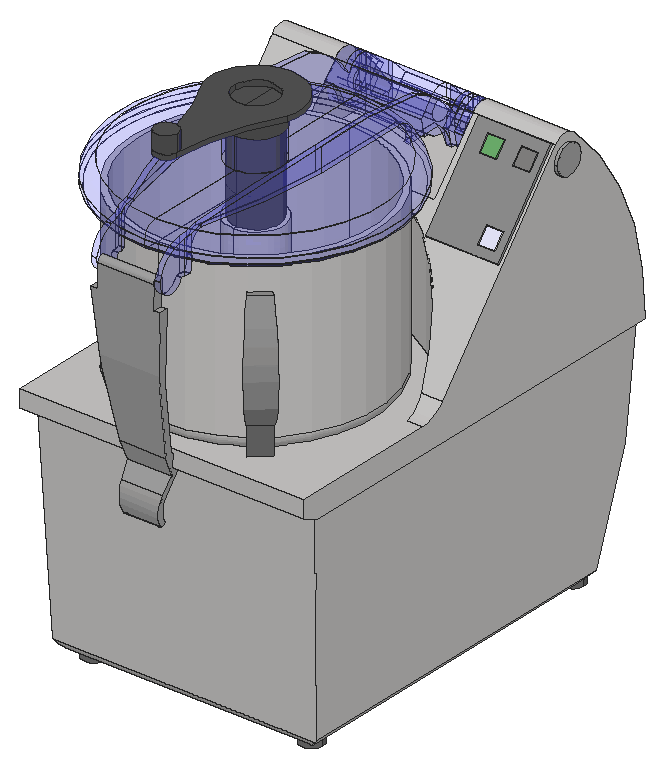
Revit family "QF_DITOSAMA_600443_DK45Y1V", category Specialty Equipment, Revit 2018
Family settings
  Round Connector Dimension = Use Diameter
  Part Type = Normal
  Work Plane-Based = No
  Always vertical = Yes
  Cut with Voids When Loaded = No
  Shared = No
  Room Calculation Point = No
Parameters (values of type "Standard")
  Weight = 22.00 kg
  Watts = 0 W
  Volts = 220 V
  URL Manufacturer = "http://www.ditosama.com"
  URL = "http://www.ditosama.com"
  Steam Supply Size = 0 mm
  Steam Supply Minimum Pressure = 0.0 Pa
  Steam Supply Maximum Pressure = 0.0 Pa
  Steam Pounds per Hour = 0
  Refrigeration Suction Line Size = 0.0 mm
  Refrigeration Liquid Line Size = 0.0 mm
  Refrigerant Compressor Remote = yes
  Manufacturer = "Dito Sama"
  Phase = 1
  Model = "DK45Y1V"
  Length Actual = 256.0 mm  # constant formula
  Item Number = "600443"
  Hot Water Size = 0 mm
  Height Actual = 482.0 mm  # constant formula
  HP = "1 HP"
  Gas Size = 0 mm
  Gas KW = 0
  Gas Input Pressure = 0 W
  Direct Waste Size = 0 mm
  Description = "CUTTER-MIXER 4.5L-MICROTOOTHED BLADE-1 SPEED-700W-230-240/1/50"
  Depth Actual = 415.0 mm  # constant formula
  Cycle = 50 Hz
  Condensate Return Size = 0 mm
  Compressed Air Volume = 0.0 L/s
  Compressed Air Size = 0 mm
  Compressed Air Pressure = 0.0 Pa
  Cold Water Size = 0 mm
  Accessory = yes
Reference planes
  plane 1 "Center (Front/Back)": y = 0
  plane 2: z = 0
  plane 3 "Center (Left/Right)": x = 0
  plane 4 "BASE": z = 6
  plane 5 "TOP": z = 685
  plane 6 "FRONT": y = -207.5
  plane 7 "BACK": y = 207.5
  plane 8 "LEFT": x = -128
  plane 9 "RIGHT": x = 128
  plane 10 "CenterX": x = -10
  plane 11 "Maniglia": through (-10, -59.177, 4000) normal (0.766, 0.6428, 0)
  plane 12 "Panel": through (4267.2, 107.252, 388.448) normal (0, 0.766, -0.6428)
  plane 13: z = 470
Forms (mm)
  Extrusion 1, solid, material "QF_Finishes_Stainless Steel"
    sketch origin (0, 0, 0) x (0, 1, 0) y (0, 0, 1)
      loop
        arc (155.897, 6) -> (160.37, 10.596) -> (163.359, 16.27) r 22.417
        arc (163.359, 16.27) -> (192.273, 107.896) -> (201.98, 203.483) r 470.678
        line (201.98, 203.483) -> (-161.42, 203.483)
        arc (-161.42, 203.483) -> (-159.547, 108.877) -> (-151.391, 14.604) r 1423.016
        arc (-151.391, 14.604) -> (-146.603, 8.365) -> (-139.103, 6) r 13.076
        line (-139.103, 6) -> (155.897, 6)
    from -128 to 128
  Extrusion 2, void
    sketch origin (0, -207.5, 0) x (-1, 0, 0) y (0, 0, 1)
      loop
        line (128, 203.483) -> (125, 203.483) -> (119.389, 16.27) -> (109.119, 6) -> (128, 6) -> (128, 203.483)
      loop
        line (-128, 203.483) -> (-128, 6) -> (-109.119, 6) -> (-119.389, 16.27) -> (-125, 203.483) -> (-128, 203.483)
    from 14.374 to 435.947
  Extrusion 3, solid, material "QF_Finishes_Stainless Steel"
    sketch origin (0, 0, 0) x (0, 1, 0) y (0, 0, 1)
      loop
        arc (207.5, 203.483) -> (187.745, 305.45) -> (127.203, 389.844) r 242.898
        arc (127.203, 389.844) -> (116.931, 393.38) -> (107.252, 388.448) r 13.902
        line (107.252, 388.448) -> (-20.106, 236.67)
        arc (-20.106, 236.67) -> (-30.264, 228.875) -> (-42.764, 226.104) r 29.578
        line (-42.764, 226.104) -> (-177.764, 226.104) -> (-177.764, 211.104) -> (-161.42, 203.483) -> (207.5, 203.483)
    from -128 to 128
  Extrusion 4, void
    sketch origin (0, -207.5, 0) x (-1, 0, 0) y (0, 0, 1)
      loop
        line (-53.607, 393.414) -> (-53.607, 336.684) -> (71.073, 336.684) -> (71.073, 393.414) -> (-53.607, 393.414)
    from 255.469 to 415
  Revolve 5, solid, material "QF_Plastic-Black"
    sketch origin (-10, 0, 0) x (0, -1, 0) y (0, 0, 1)
      loop
        line (59.177, 450.527) -> (28.516, 450.527) -> (35.424, 443.619) -> (35.424, 430.527) -> (38.194, 430.527) -> (38.194, 356.104) -> (59.177, 356.104) -> (59.177, 450.527)
      axis (59.177, 356.104) -> (59.177, 450.527)
    angle from 0 to 360
  Extrusion 6, solid, material "QF_Plastic-Black"
    sketch origin (0, 0, 0) x (1, 0, 0) y (0, 1, 0)
      loop
        arc (-48.167, -71.147) -> (-28.951, -114.517) -> (-19.956, -161.093) r 210.055
        arc (-19.956, -161.093) -> (-10, -170.155) -> (-0.044, -161.093) r 10
        arc (-0.044, -161.093) -> (8.951, -114.517) -> (28.167, -71.147) r 210.055
        arc (28.167, -71.147) -> (-10, -19.177) -> (-48.167, -71.147) r 40
    from 450.5 to 455
  Extrusion 7, solid, material "QF_Plastic-Black"
    sketch origin (0, 0, 0) x (1, 0, 0) y (0, 1, 0)
      loop
        circle (-10, -160.155) r 10
    from 455 to 470
  Extrusion 8, void
    sketch origin (0, 0, 0) x (1, 0, 0) y (0, 1, 0)
      loop
        circle (-10, -59.177) r 19
    from 427.6 to 472.8
  Extrusion 9, void
    sketch origin (0, 0, 0) x (1, 0, 0) y (0, 1, 0)
      loop
        arc (115, -59.177) -> (-10, 65.823) -> (-135, -59.177) r 125
        line (-135, -59.177) -> (115, -59.177)
    from 226.104 to 336.684
  Extrusion 10, void
    sketch origin (-20, 0, 0) x (-1, 0, 0) y (0, -1, 0)
      loop
        line (16.15, 177.864) -> (16.15, -123.86) -> (35.771, -123.86) -> (35.771, 48.192)
        arc (35.771, 48.192) -> (30.047, 105.502) -> (17.781, 161.776) r 500.876
        line (17.781, 161.776) -> (17.781, 171.776) -> (16.15, 177.864)
      loop
        line (40.771, -123.86) -> (45.852, -123.86) -> (45.852, 210.681) -> (21.15, 210.681) -> (21.15, 178.522) -> (22.781, 172.434) -> (22.781, 162.459)
        arc (22.781, 162.459) -> (35.047, 105.893) -> (40.771, 48.297) r 505.876
        line (40.771, 48.297) -> (40.771, -123.86)
    from 350.345 to 477.521
  Extrusion 11, solid, material "Glass"
    sketch origin (-20, 0, 0) x (0, 1, 0) y (0, 0, -1)
      loop
        line (-173.064, -369.647) -> (-181.303, -369.647)
        arc (-181.303, -369.647) -> (-196.341, -361.818) -> (-205.451, -376.117) r 12.548
        arc (-205.451, -376.117) -> (-199.87, -388.651) -> (-189.058, -397.099) r 28.357
        arc (-189.058, -397.099) -> (-65.868, -423.241) -> (59.99, -418.888) r 518.061
        arc (59.99, -418.888) -> (85.116, -404.522) -> (104.437, -382.973) r 90.696
        arc (104.437, -382.973) -> (113.885, -392.821) -> (127.203, -389.844) r 13.902
        arc (127.203, -389.844) -> (135.322, -382.188) -> (143.082, -374.167) r 242.898
        line (143.082, -374.167) -> (137.378, -368.464)
        arc (137.378, -368.464) -> (123.613, -353.84) -> (104.088, -358.543) r 20
        line (104.088, -358.543) -> (99.34, -358.543)
        arc (99.34, -358.543) -> (94.194, -371.609) -> (85.823, -382.884) r 53.446
        line (85.823, -382.884) -> (50.823, -382.884)
        arc (50.823, -382.884) -> (52.796, -383.701) -> (53.614, -385.674) r 2.79
        line (53.614, -385.674) -> (53.614, -390.892)
        arc (53.614, -390.892) -> (50.154, -399.244) -> (41.802, -402.703) r 11.812
        line (41.802, -402.703) -> (-160.307, -402.703)
        arc (-160.307, -402.703) -> (-168.659, -399.244) -> (-172.119, -390.892) r 11.812
        line (-172.119, -390.892) -> (-172.119, -385.826)
        arc (-172.119, -385.826) -> (-171.728, -384.361) -> (-170.659, -383.285) r 2.942
        line (-170.659, -383.285) -> (-173.064, -369.647)
      loop
        circle (117.901, -373.007) r 9.416
    from 16.15 to 45.852
  Extrusion 12, solid, material "Glass"
    sketch origin (0, 0, 0) x (0, 1, 0) y (0, 0, 1)
      loop
        line (137.378, 368.464) -> (143.082, 374.167)
        arc (143.082, 374.167) -> (135.322, 382.188) -> (127.203, 389.844) r 242.898
        arc (127.203, 389.844) -> (116.931, 393.38) -> (107.252, 388.448) r 13.902
        line (107.252, 388.448) -> (95.766, 374.76)
        arc (95.766, 374.76) -> (97.862, 366.72) -> (99.34, 358.543) r 108.872
        line (99.34, 358.543) -> (104.088, 358.543)
        arc (104.088, 358.543) -> (123.613, 353.84) -> (137.378, 368.464) r 20
      loop
        circle (117.901, 373.007) r 9.416
    from -71.073 to 53.607
  Extrusion 13, solid, material "QF_Finishes_Gray"
    sketch origin (0, 0, 0) x (0, 1, 0) y (0, 0, 1)
      loop
        arc (-182.273, 168.111) -> (-185.377, 178.111) -> (-182.273, 188.111) r 17.658
        line (-182.273, 188.111) -> (-169.592, 207.294) -> (-177.764, 211.104) -> (-177.764, 222.201) -> (-180.378, 224.815)
        arc (-180.378, 224.815) -> (-194.973, 298.318) -> (-196.805, 373.235) r 437.299
        arc (-196.805, 373.235) -> (-201.296, 377.726) -> (-205.788, 373.235) r 4.491
        arc (-205.788, 373.235) -> (-201.07, 296.739) -> (-185.461, 221.705) r 534.528
        line (-185.461, 221.705) -> (-177.764, 203.503) -> (-186.394, 190.943)
        arc (-186.394, 190.943) -> (-190.377, 178.111) -> (-186.394, 165.28) r 22.658
        arc (-186.394, 165.28) -> (-182.917, 164.635) -> (-182.273, 168.111) r 2.5
    from -49.646 to 27.326
  Extrusion 14, void
    sketch origin (0, -207.5, 0) x (-1, 0, 0) y (0, 0, 1)
      loop
        line (-15.15, 396.938) -> (-47.326, 396.938) -> (-47.326, 161.938) -> (-5.366, 161.938) -> (-20.516, 351.652) -> (-15.15, 351.652) -> (-15.15, 396.938)
      loop
        line (26.963, 161.938) -> (77.918, 161.938) -> (77.918, 396.938) -> (35.15, 396.938) -> (35.15, 351.652) -> (42.113, 351.652) -> (26.963, 161.938)
    from 46.08 to -69.339
  Extrusion 15, solid, material "Glass"
    sketch origin (0, 0, 0) x (0, 1, 0) y (0, 0, 1)
      loop
        line (-173.064, 369.647) -> (-170.659, 383.285)
        arc (-170.659, 383.285) -> (-171.728, 384.361) -> (-172.119, 385.826) r 2.942
        line (-172.119, 385.826) -> (-172.119, 390.892)
        arc (-172.119, 390.892) -> (-168.659, 399.244) -> (-160.307, 402.703) r 11.812
        line (-160.307, 402.703) -> (41.802, 402.703)
        arc (41.802, 402.703) -> (50.154, 399.244) -> (53.614, 390.892) r 11.812
        line (53.614, 390.892) -> (53.614, 385.674)
        arc (53.614, 385.674) -> (52.796, 383.701) -> (50.823, 382.884) r 2.79
        line (50.823, 382.884) -> (85.823, 382.884)
        arc (85.823, 382.884) -> (94.194, 371.609) -> (99.34, 358.543) r 53.446
        line (99.34, 358.543) -> (104.088, 358.543)
        arc (104.088, 358.543) -> (123.613, 353.84) -> (137.378, 368.464) r 20
        line (137.378, 368.464) -> (143.082, 374.167)
        arc (143.082, 374.167) -> (135.322, 382.188) -> (127.203, 389.844) r 242.898
        arc (127.203, 389.844) -> (113.885, 392.821) -> (104.437, 382.973) r 13.902
        arc (104.437, 382.973) -> (85.116, 404.522) -> (59.99, 418.888) r 90.696
        arc (59.99, 418.888) -> (-65.868, 423.241) -> (-189.058, 397.099) r 518.061
        arc (-189.058, 397.099) -> (-199.87, 388.651) -> (-205.451, 376.117) r 28.357
        arc (-205.451, 376.117) -> (-196.341, 361.818) -> (-181.303, 369.647) r 12.548
        line (-181.303, 369.647) -> (-173.064, 369.647)
      loop
        circle (117.901, 373.007) r 9.416
    from 16.15 to 45.852
  Extrusion 16, void
    sketch origin (0, 0, 0) x (1, 0, 0) y (0, 1, 0)
      loop
        line (16.15, -177.864) -> (17.781, -171.776) -> (17.781, -161.776)
        arc (17.781, -161.776) -> (30.047, -105.502) -> (35.771, -48.192) r 500.876
        line (35.771, -48.192) -> (35.771, 123.86) -> (16.15, 123.86) -> (16.15, -177.864)
      loop
        line (40.771, 123.86) -> (40.771, -48.297)
        arc (40.771, -48.297) -> (35.047, -105.893) -> (22.781, -162.459) r 505.876
        line (22.781, -162.459) -> (22.781, -172.434) -> (21.15, -178.522) -> (21.15, -210.681) -> (45.852, -210.681) -> (45.852, 123.86) -> (40.771, 123.86)
    from 350.345 to 477.521
  Revolve 17, solid, material "Glass"
    sketch origin (-10, 0, -40) x (0, -1, 0) y (0, 0, 1)
      loop
        line (38.194, 422.884) -> (38.194, 470.527) -> (35.424, 470.527) -> (35.424, 442.703) -> (-53.802, 442.703)
        arc (-53.802, 442.703) -> (-62.213, 439.268) -> (-65.732, 430.892) r 11.871
        line (-65.732, 430.892) -> (-65.732, 425.793)
        arc (-65.732, 425.793) -> (-64.88, 423.736) -> (-62.823, 422.884) r 2.909
        line (-62.823, 422.884) -> (38.194, 422.884)
      axis (59.177, 422.884) -> (59.177, 470.527)
    angle from 0 to 360
  Revolve 18, solid, material "QF_Metal-Stainless-Polished"
    sketch origin (-10, 0, 0) x (0, -1, 0) y (0, 0, 1)
      loop
        line (169.177, 382.884) -> (164.177, 382.884) -> (164.177, 237.884)
        arc (164.177, 237.884) -> (162.191, 233.09) -> (157.397, 231.104) r 6.78
        line (157.397, 231.104) -> (84.177, 231.104) -> (84.177, 356.104) -> (79.177, 356.104) -> (79.177, 226.104) -> (157.397, 226.104)
        arc (157.397, 226.104) -> (165.726, 229.554) -> (169.177, 237.884) r 11.78
        line (169.177, 237.884) -> (169.177, 382.884)
      axis (59.177, 382.884) -> (59.177, 226.104)
    angle from 0 to 360
  Extrusion 19, solid, material "QF_Plastic-Gray-Matte"
    sketch origin (-49.423, -13.925, 0) x (0.634002, 0.773331, 0) y (-0.773331, 0.634002, 0)
      loop
        line (-55.497, -222.333) -> (-26.468, -227.794) -> (-20.635, -161.119)
        arc (-20.635, -161.119) -> (-28.727, -159.898) -> (-36.729, -158.185) r 133.529
        line (-36.729, -158.185) -> (-55.497, -222.333)
    from 226.104 to 356.104
  Revolve 20, void
    sketch origin (-35.007, -29.374, 0) x (-0.642788, 0.766044, 0) y (0, 0, 1)
      loop
        arc (-155.215, 337.579) -> (-171.344, 302.579) -> (-155.215, 267.579) r 46.04
        line (-155.215, 267.579) -> (-147.754, 267.579) -> (-147.754, 337.579) -> (-155.215, 337.579)
      loop
        line (-155.215, 356.104) -> (-147.754, 356.104) -> (-147.754, 361.761) -> (-215.215, 361.761) -> (-215.215, 226.104) -> (-147.754, 226.104) -> (-147.754, 256.485) -> (-163.93, 256.485)
        arc (-163.93, 256.485) -> (-184.453, 308.471) -> (-155.215, 356.104) r 62.537
      axis (10, 361.761) -> (10, 226.104)
    angle from -8.217 to 8.652
  Extrusion 21, solid, material "QF_Finishes_Rubber Black"
    sketch origin (0, 0, 0) x (1, 0, 0) y (0, 1, 0)
      loop
        arc (57.446, -154.071) -> (64.931, -148.135) -> (72.061, -141.775) r 165.215
        line (72.061, -141.775) -> (66.401, -136.116)
        arc (66.401, -136.116) -> (59.824, -141.977) -> (52.928, -147.46) r 157.215
        line (52.928, -147.46) -> (57.446, -154.071)
    from 226.104 to 256.485
  Extrusion 22, solid, material "QF_Plastic-Gray-Matte"
    sketch origin (0, -128.336, 107.686) x (0, 0.642788, 0.766044) y (1, 0, 0)
      loop
        line (366.07, 59.066) -> (366.07, 124.8) -> (272.743, 124.8) -> (272.743, 59.066) -> (366.07, 59.066)
      loop
        line (356.63, 102.599) -> (356.63, 117.599) -> (341.63, 117.599) -> (341.63, 102.599) -> (356.63, 102.599)
      loop
        line (295.63, 102.599) -> (295.63, 117.599) -> (280.63, 117.599) -> (280.63, 102.599) -> (295.63, 102.599)
      loop
        line (356.63, 72.599) -> (356.63, 87.599) -> (341.63, 87.599) -> (341.63, 72.599) -> (356.63, 72.599)
    from -1 to 0.6
  Extrusion 23, solid, material "QF_Finishes_Red"
    sketch origin (0, -128.336, 107.686) x (0, 0.642788, 0.766044) y (1, 0, 0)
      loop
        line (356.63, 102.599) -> (356.63, 117.599) -> (341.63, 117.599) -> (341.63, 102.599) -> (356.63, 102.599)
    from -1 to 0.6
  Extrusion 24, solid, material "QF_Finishes_Green"
    sketch origin (-27.396, -127.834, 108.284) x (0, 0.642788, 0.766044) y (1, 0, 0)
      loop
        line (355.85, 99.994) -> (355.85, 114.994) -> (340.786, 114.994) -> (340.786, 99.994) -> (355.85, 99.994)
    from -1 to 0.6
  Extrusion 25, solid, material "QF_Plastic-White-Matte"
    sketch origin (0, -167.546, 60.958) x (0, 0.642788, 0.766044) y (1, 0, 0)
      loop
        line (356.63, 102.599) -> (356.63, 117.599) -> (341.63, 117.599) -> (341.63, 102.599) -> (356.63, 102.599)
    from -1 to 0.6
  Extrusion 26, solid, material "QF_Finishes_Stainless Steel"
    sketch origin (0, 207.5, 0) x (-1, 0, 0) y (0, 0, 1)
      loop
        circle (0, 202) r 10.353
    from -6.2 to 3
  Revolve 27, solid, material "QF_Door-Drawer Clearances", detail levels coarse
    sketch origin (-10, -221.856, 479.549) x (0, 0, 1) y (0, 1, 0)
      loop
        line (59.177, 490.527) -> (28.516, 490.527) -> (35.424, 483.619) -> (35.424, 470.527) -> (38.194, 470.527) -> (38.194, 442.703) -> (59.177, 442.703) -> (59.177, 490.527)
      axis (59.177, 442.703) -> (59.177, 490.527)
    angle from 0 to 360
  Extrusion 28, solid, material "QF_Door-Drawer Clearances", detail levels coarse
    sketch origin (0, -221.856, 479.549) x (1, 0, 0) y (0, 0, -1)
      loop
        arc (-48.167, -71.147) -> (-28.951, -114.517) -> (-19.956, -161.093) r 210.055
        arc (-19.956, -161.093) -> (-10, -170.155) -> (-0.044, -161.093) r 10
        arc (-0.044, -161.093) -> (8.951, -114.517) -> (28.167, -71.147) r 210.055
        arc (28.167, -71.147) -> (-10, -19.177) -> (-48.167, -71.147) r 40
    from 490.527 to 495.013
  Extrusion 29, solid, material "QF_Door-Drawer Clearances", detail levels coarse
    sketch origin (0, -221.856, 479.549) x (1, 0, 0) y (0, 0, -1)
      loop
        circle (-10, -160.155) r 10
    from 495.013 to 510.592
  Extrusion 30, void
    sketch origin (-20, -221.856, 479.359) x (-1, 0, 0) y (0, 0, 1)
      loop
        line (16.15, 177.864) -> (16.15, -123.86) -> (35.771, -123.86) -> (35.771, 48.192)
        arc (35.771, 48.192) -> (30.047, 105.502) -> (17.781, 161.776) r 500.876
        line (17.781, 161.776) -> (17.781, 171.776) -> (16.15, 177.864)
      loop
        line (40.771, -123.86) -> (45.852, -123.86) -> (45.852, 210.681) -> (21.15, 210.681) -> (21.15, 178.522) -> (22.781, 172.434) -> (22.781, 162.459)
        arc (22.781, 162.459) -> (35.047, 105.893) -> (40.771, 48.297) r 505.876
        line (40.771, 48.297) -> (40.771, -123.86)
    from 350.345 to 477.521
  Extrusion 31, solid, material "QF_Door-Drawer Clearances", detail levels coarse
    sketch origin (-20, -221.856, 479.359) x (0, 0, -1) y (0, -1, 0)
      loop
        line (-173.064, -409.647) -> (-181.303, -409.647)
        arc (-181.303, -409.647) -> (-196.341, -401.818) -> (-205.451, -416.117) r 12.548
        arc (-205.451, -416.117) -> (-199.87, -428.651) -> (-189.058, -437.099) r 28.357
        arc (-189.058, -437.099) -> (-65.868, -463.241) -> (59.99, -458.888) r 518.061
        arc (59.99, -458.888) -> (92.246, -438.11) -> (113.023, -405.855) r 90.696
        arc (113.023, -405.855) -> (114.903, -399.662) -> (115.972, -393.28) r 50.278
        arc (115.972, -393.28) -> (121.968, -392.806) -> (127.203, -389.844) r 13.902
        arc (127.203, -389.844) -> (129.309, -387.924) -> (131.393, -385.98) r 242.898
        arc (131.393, -385.98) -> (114.739, -373.307) -> (99.238, -359.247) r 242.898
        arc (99.238, -359.247) -> (87.934, -393.903) -> (65.823, -422.884) r 108.872
        line (65.823, -422.884) -> (50.823, -422.884)
        arc (50.823, -422.884) -> (52.796, -423.701) -> (53.614, -425.674) r 2.79
        line (53.614, -425.674) -> (53.614, -430.892)
        arc (53.614, -430.892) -> (50.154, -439.244) -> (41.802, -442.703) r 11.812
        line (41.802, -442.703) -> (-160.307, -442.703)
        arc (-160.307, -442.703) -> (-168.659, -439.244) -> (-172.119, -430.892) r 11.812
        line (-172.119, -430.892) -> (-172.119, -425.826)
        arc (-172.119, -425.826) -> (-171.728, -424.361) -> (-170.659, -423.285) r 2.942
        line (-170.659, -423.285) -> (-173.064, -409.647)
    from 16.15 to 45.852
  Extrusion 32, void
    sketch origin (0, -221.856, 479.359) x (1, 0, 0) y (0, 0, -1)
      loop
        line (16.15, -177.864) -> (17.781, -171.776) -> (17.781, -161.776)
        arc (17.781, -161.776) -> (30.047, -105.502) -> (35.771, -48.192) r 500.876
        line (35.771, -48.192) -> (35.771, 123.86) -> (16.15, 123.86) -> (16.15, -177.864)
      loop
        line (40.771, 123.86) -> (40.771, -48.297)
        arc (40.771, -48.297) -> (35.047, -105.893) -> (22.781, -162.459) r 505.876
        line (22.781, -162.459) -> (22.781, -172.434) -> (21.15, -178.522) -> (21.15, -210.681) -> (45.852, -210.681) -> (45.852, 123.86) -> (40.771, 123.86)
    from 350.345 to 477.521
  Extrusion 33, solid, material "QF_Door-Drawer Clearances", detail levels coarse
    sketch origin (0, -221.856, 479.359) x (0, 0, -1) y (0, 1, 0)
      loop
        line (-173.064, 409.647) -> (-170.659, 423.285)
        arc (-170.659, 423.285) -> (-171.728, 424.361) -> (-172.119, 425.826) r 2.942
        line (-172.119, 425.826) -> (-172.119, 430.892)
        arc (-172.119, 430.892) -> (-168.659, 439.244) -> (-160.307, 442.703) r 11.812
        line (-160.307, 442.703) -> (41.802, 442.703)
        arc (41.802, 442.703) -> (50.154, 439.244) -> (53.614, 430.892) r 11.812
        line (53.614, 430.892) -> (53.614, 425.674)
        arc (53.614, 425.674) -> (52.796, 423.701) -> (50.823, 422.884) r 2.79
        line (50.823, 422.884) -> (65.823, 422.884)
        arc (65.823, 422.884) -> (87.934, 393.903) -> (99.238, 359.247) r 108.872
        arc (99.238, 359.247) -> (114.739, 373.307) -> (131.393, 385.98) r 242.898
        arc (131.393, 385.98) -> (129.309, 387.924) -> (127.203, 389.844) r 242.898
        arc (127.203, 389.844) -> (121.968, 392.806) -> (115.972, 393.28) r 13.902
        arc (115.972, 393.28) -> (114.903, 399.662) -> (113.023, 405.855) r 50.278
        arc (113.023, 405.855) -> (92.246, 438.11) -> (59.99, 458.888) r 90.696
        arc (59.99, 458.888) -> (-65.868, 463.241) -> (-189.058, 437.099) r 518.061
        arc (-189.058, 437.099) -> (-199.87, 428.651) -> (-205.451, 416.117) r 28.357
        arc (-205.451, 416.117) -> (-196.341, 401.818) -> (-181.303, 409.647) r 12.548
        line (-181.303, 409.647) -> (-173.064, 409.647)
    from 16.15 to 45.852
  Revolve 34, solid, material "QF_Door-Drawer Clearances", detail levels coarse
    sketch origin (-10, -221.856, 479.549) x (0, 0, 1) y (0, 1, 0)
      loop
        line (38.194, 422.884) -> (38.194, 470.527) -> (35.424, 470.527) -> (35.424, 442.703) -> (-53.802, 442.703)
        arc (-53.802, 442.703) -> (-62.213, 439.268) -> (-65.732, 430.892) r 11.871
        line (-65.732, 430.892) -> (-65.732, 425.793)
        arc (-65.732, 425.793) -> (-64.88, 423.736) -> (-62.823, 422.884) r 2.909
        line (-62.823, 422.884) -> (38.194, 422.884)
      axis (59.177, 422.884) -> (59.177, 470.527)
    angle from 0 to 360
  Extrusion 35, solid, material "QF_Finishes_Rubber Black"
    sketch origin (0, 0, 0) x (1, 0, 0) y (0, 1, 0)
      loop
        circle (-98.592, 163.359) r 10
      loop
        circle (-98.592, -131.641) r 10
      loop
        circle (98.592, 163.359) r 10
      loop
        circle (98.592, -131.641) r 10
    from 0 to 6
  Extrusion 36, solid, material "QF_Finishes_Gray"
    sketch origin (0, 0, 0) x (0, 1, 0) y (0, 0, 1)
      loop
        circle (117.901, 373.007) r 13.005
    from 131.516 to 128
  Extrusion 37, solid, material "QF_Finishes_Gray"
    sketch origin (0, 0, 0) x (0, 1, 0) y (0, 0, -1)
      loop
        circle (117.901, -373.007) r 13.005
    from 131.516 to 128
Cuts and joins
  Extrusion 2, Extrusion 8, Extrusion 9 cuts Extrusion 1
  Extrusion 4, Extrusion 9 cuts Extrusion 3
  Extrusion 8 cuts Extrusion 6
  Extrusion 10, Extrusion 16, Extrusion 30, Extrusion 32 cuts Extrusion 11
  Extrusion 14, Extrusion 16, Extrusion 30 cuts Extrusion 13
  Extrusion 16, Extrusion 30, Extrusion 32 cuts Extrusion 12
  Extrusion 16 cuts Extrusion 15
  Revolve 20 cuts Extrusion 19
  Extrusion 30 cuts Revolve 17
  Extrusion 30 cuts Revolve 18
  Extrusion 30, Extrusion 32 cuts Extrusion 31
  Extrusion 32 cuts Extrusion 33
Lines and regions (mm)
  symbolic lines
    curve 1: arc (-10, -172.155, 0) -> (3.999, -171.284, 0) -> (17.781, -168.686, 0) r 112.979
    curve 2: arc (-10, -184.085, 0) -> (-23.148, -183.391, 0) -> (-36.15, -181.317, 0) r 124.909
    curve 3: line (128, -157.764, 0) -> (128, 187.57, 0)
    curve 4: line (124.8, 106.204, 0) -> (59.066, 106.204, 0)
    curve 5: line (102.599, 90.494, 0) -> (117.599, 90.494, 0)
    curve 6: line (117.599, 62.151, 0) -> (102.599, 62.151, 0)
    curve 7: line (102.599, 51.284, 0) -> (117.599, 51.284, 0)
    curve 8: line (102.599, 62.151, 0) -> (102.599, 51.284, 0)
    curve 9: line (117.599, 51.284, 0) -> (117.599, 62.151, 0)
    curve 10: line (117.599, 90.494, 0) -> (117.599, 101.361, 0)
    curve 11: line (102.599, 101.361, 0) -> (102.599, 90.494, 0)
    curve 12: arc (-0.044, -161.093, 0) -> (8.951, -114.517, 0) -> (28.167, -71.147, 0) r 210.055
    curve 13: arc (28.167, -71.147, 0) -> (-10, -19.177, 0) -> (-48.167, -71.147, 0) r 40
    curve 14: arc (-48.167, -71.147, 0) -> (-28.951, -114.517, 0) -> (-19.956, -161.093, 0) r 210.055
    curve 15: arc (-19.956, -161.093, 0) -> (-10, -170.155, 0) -> (-0.044, -161.093, 0) r 10
    curve 16: arc (0, -160.155, 0) -> (-10, -150.155, 0) -> (-20, -160.155, 0) r 10
    curve 17: arc (-55.771, -48.192, 0) -> (-50.047, -105.502, 0) -> (-37.781, -161.776, 0) r 500.876
    curve 18: arc (-42.781, -162.459, 0) -> (-55.047, -105.893, 0) -> (-60.771, -48.297, 0) r 505.876
    curve 19: line (-55.771, 123.86, 0) -> (-55.771, -48.192, 0)
    curve 20: line (-60.771, -48.297, 0) -> (-60.771, 123.86, 0)
    curve 21: line (40.771, 123.86, 0) -> (40.771, -48.297, 0)
    curve 22: line (35.771, -48.192, 0) -> (35.771, 123.86, 0)
    curve 23: arc (40.771, -48.297, 0) -> (35.047, -105.893, 0) -> (22.781, -162.459, 0) r 505.876
    curve 24: arc (17.781, -161.776, 0) -> (30.047, -105.502, 0) -> (35.771, -48.192, 0) r 500.876
    curve 25: line (22.781, -162.459, 0) -> (22.781, -172.434, 0)
    curve 26: line (17.781, -171.776, 0) -> (17.781, -161.776, 0)
    curve 27: line (16.15, -177.864, 0) -> (17.781, -171.776, 0)
    curve 28: line (22.781, -172.434, 0) -> (21.15, -178.522, 0)
    curve 29: line (21.15, -178.522, 0) -> (21.15, -205.641, 0)
    curve 30: line (-37.781, -161.776, 0) -> (-37.781, -171.776, 0)
    curve 31: line (-42.781, -172.434, 0) -> (-42.781, -162.459, 0)
    curve 32: line (-41.15, -178.522, 0) -> (-42.781, -172.434, 0)
    curve 33: line (-37.781, -171.776, 0) -> (-36.15, -177.864, 0)
    curve 34: line (-41.15, -205.641, 0) -> (-41.15, -178.522, 0)
    curve 35: spline (22.008, -197.61, 0) -> (21.937, -197.617, 0) -> (21.865, -197.622, 0) -> (21.794, -197.626, 0) -> (21.722, -197.627, 0) -> (21.651, -197.627, 0) -> (21.579, -197.625, 0) -> (21.508, -197.621, 0) -> (21.436, -197.615, 0) -> (21.365, -197.608, 0) -> (21.293, -197.598, 0) -> (21.222, -197.587, 0) -> (21.15, -197.574, 0)
    curve 36: line (-71.073, 171.51, 0) -> (53.607, 171.51, 0)
    curve 37: line (59.066, 46.214, 0) -> (124.8, 46.214, 0)
    curve 38: line (59.066, 106.204, 0) -> (59.066, 46.214, 0)
    curve 39: line (124.8, 46.214, 0) -> (124.8, 107.429, 0)
    curve 40: line (53.607, 48.324, 0) -> (53.607, 171.51, 0)
    curve 41: line (-71.073, 171.51, 0) -> (-71.073, 49.783, 0)
    curve 42: arc (40.771, 54.948, 0) -> (114.476, -69.566, 0) -> (21.15, -180.138, 0) r 124.909
    curve 43: arc (-60.771, 41.751, 0) -> (-122.562, -68.863, 0) -> (-42.781, -167.295, 0) r 112.979
    curve 44: line (93.154, -162.392, 0) -> (78.293, -147.531, 0)
    curve 45: line (93.154, -162.392, 0) -> (74.048, -178.424, 0)
    curve 46: line (74.048, -178.424, 0) -> (61.96, -161.274, 0)
    curve 47: arc (-37.781, -168.686, 0) -> (-23.999, -171.284, 0) -> (-10, -172.155, 0) r 112.979
    curve 48: arc (-41.15, -180.138, 0) -> (-94.625, -151.05, 0) -> (-128, -100.142, 0) r 124.909
    curve 49: arc (22.781, -167.295, 0) -> (102.562, -68.863, 0) -> (40.771, 41.751, 0) r 112.979
    curve 50: arc (16.15, -181.317, 0) -> (3.148, -183.391, 0) -> (-10, -184.085, 0) r 124.909
    curve 51: line (16.15, -205.242, 0) -> (16.15, -177.864, 0)
    curve 52: line (-36.15, -205.641, 0) -> (-36.15, -177.864, 0)
    curve 53: line (-41.15, -205.641, 0) -> (21.15, -205.641, 0)
    curve 54: line (22.008, -205.53, 0) -> (22.008, -197.61, 0)
    curve 55: line (22.008, -205.53, 0) -> (21.15, -205.53, 0)
    curve 56: spline (-42.008, -197.61, 0) -> (-41.937, -197.617, 0) -> (-41.865, -197.622, 0) -> (-41.794, -197.626, 0) -> (-41.722, -197.627, 0) -> (-41.651, -197.627, 0) -> (-41.579, -197.625, 0) -> (-41.508, -197.621, 0) -> (-41.436, -197.615, 0) -> (-41.365, -197.608, 0) -> (-41.293, -197.598, 0) -> (-41.222, -197.587, 0) -> (-41.15, -197.574, 0)
    curve 57: line (-42.008, -205.53, 0) -> (-42.008, -197.61, 0)
    curve 58: line (-42.008, -205.53, 0) -> (-41.15, -205.53, 0)
    curve 59: arc (-128, -18.211, 0) -> (-101.973, 25.34, 0) -> (-60.771, 54.948, 0) r 124.909
    curve 60: arc (-128, -100.142, 0) -> (-134.909, -59.177, 0) -> (-128, -18.211, 0) r 124.909
    curve 61: line (-108, -177.764, 0) -> (-49.233, -177.764, 0)
    curve 62: line (-128, 187.57, 0) -> (-128, -17.764, 0)
    curve 63: line (29.233, -177.764, 0) -> (108, -177.764, 0)
    curve 64: line (-128, -97.764, 0) -> (-128, -157.764, 0)
    curve 65: line (-108, 207.57, 0) -> (108, 207.57, 0)
    curve 66: arc (-128, -157.764, 0) -> (-122.142, -171.906, 0) -> (-108, -177.764, 0) r 20
    curve 67: arc (108, -177.764, 0) -> (122.142, -171.906, 0) -> (128, -157.764, 0) r 20
    curve 68: arc (128, 187.57, 0) -> (122.142, 201.713, 0) -> (108, 207.57, 0) r 20
    curve 69: arc (-108, 207.57, 0) -> (-122.142, 201.713, 0) -> (-128, 187.57, 0) r 20
    curve 70: line (45.852, 123.86, 0) -> (-71.073, 123.86, 0)
    curve 71: line (45.852, 137.378, 0) -> (-65.852, 137.378, 0)
    curve 72: line (45.852, 143.082, 0) -> (-65.852, 143.082, 0)
    curve 73: line (53.607, 123.86, 0) -> (45.852, 123.86, 0)
    curve 74: line (45.852, 123.86, 0) -> (45.852, 170.216, 0)
    curve 75: line (45.852, 170.216, 0) -> (-65.852, 170.216, 0)
    curve 76: line (-65.852, 170.216, 0) -> (-65.852, 123.86, 0)
    curve 77: line (102.599, 101.361, 0) -> (117.599, 101.361, 0)
    curve 78: line (72.599, 90.494, 0) -> (87.599, 90.494, 0)
    curve 79: line (87.599, 90.494, 0) -> (87.599, 101.361, 0)
    curve 80: line (72.599, 101.361, 0) -> (72.599, 90.494, 0)
    curve 81: line (72.599, 101.361, 0) -> (87.599, 101.361, 0)
Dimensions and locks
  plane 4 "BASE" to level = 6.0 mm
  plane 5 "TOP" to level = 685.0 mm  (x2)
  plane 8 "LEFT" to plane 3 "Center (Left/Right)" to plane 9 "RIGHT" = 128.0 mm, 128.0 mm
  plane 7 "BACK" to plane 1 "Center (Front/Back)" to plane 6 "FRONT" = 207.5 mm, 207.5 mm
  plane 7 "BACK" to plane 6 "FRONT" = 415.0 mm
  plane 8 "LEFT" to plane 9 "RIGHT" = 256.0 mm
  plane 10 "CenterX" to plane 3 "Center (Left/Right)" = 10.0 mm
  plane 13 to level = 470.0 mm
  aligned and locked: level to plane 2
  aligned and locked: Extrusion 22 sketch curve to Extrusion 23
Connectors
  electrical at (0, 210.5, 202)
    settings: on Extrusion 26, index 1, voltage 0 V, apparent load 0 VA, apparent load phase1 0 VA, apparent load phase2 0 VA, apparent load phase3 0 VA, power factor 1, load classification "Other", number of poles 1, system type 30, power factor state 1, is connector primary yes, connector utility no, sub classification motor no, connector description "Electrical connection"
